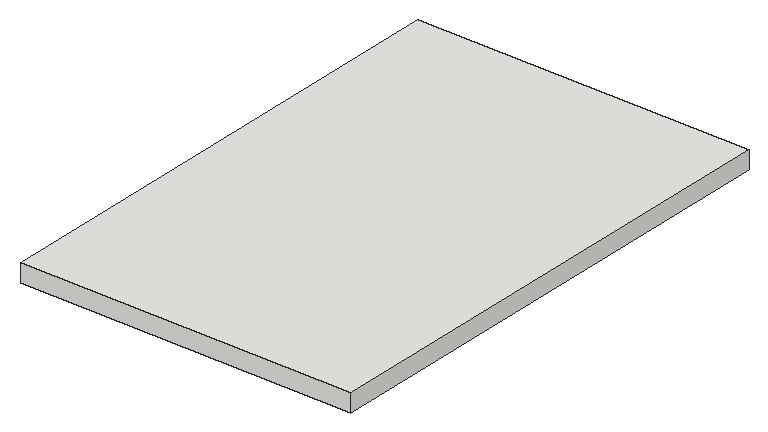
Revit family "SURVIVOR160xxWS840SAS0650x", category Leuchten, Revit 2024
Family settings
  Basisbauteil = Fläche
  Bemaßung runder Anschluss = Durchmesser verwenden
  Teiletyp = Normal
  OmniClass-Nummer = 23.80.70.11
  OmniClass-Titel = Luminaries for Internal Lighting
  Beim Laden mit Abzugskörper schneiden = Nein
  Lichtquelle = Ja
  Beschriftungsausrichtung beibehalten = Nein
  Gemeinsam genutzt = Nein
  Raumberechnungspunkt = Nein
Parameters (values of type "SURVIVOR160NDWS840SAS0650-RF")
  width = 240 mm  # constant formula
  weight = "13,2"
  voltage type (AC, DC, UC) = "AC"
  rated input power = 45
  product name = "SURVIVOR160NDWS840SAS0650-RF"
  nominal voltage = "230"
  nominal frequency = "50-60Hz"
  length = 1600 mm  # constant formula
  ingress protection (IP) code = "IP65"
  height = 73 mm  # constant formula
  electrical safety class = "1"
  control gear = ""
  conformity mark = "CE"  # constant formula
  brand = "RIDI"
  approval mark = ""
  built-in parameter 1150104 = 13.8 (stored number, unit not read)
  Wattage = 37.0266 W
  Von Breite des Rechtecks ausssenden = 1528 mm
  Von Länge des Rechtecks aussenden = 181 mm  # constant formula
  Default Elevation = 0 mm
  built-in parameter 1150113 = 1 (stored number, unit not read)
  built-in parameter 1114218 = 1 (stored number, unit not read)
  URL = "www.ridi.de"
  built-in parameter 1150134 = 12
  built-in parameter 1150109 = 1 (stored number, unit not read)
  built-in parameter 1150110 = 1 (stored number, unit not read)
  Apparent Load = 45 VA
  Tilt Angle = 90.00°
  Modell = "0622224//420"
  built-in parameter 1114217 = 1 (stored number, unit not read)
  built-in parameter 1150139 = (empty or 0)
  built-in parameter 1150105 = 437.68 (stored number, unit not read)
  built-in parameter 1150114 = 1 (stored number, unit not read)
  Lumens = 5500 lm
  built-in parameter 1150115 = 1 (stored number, unit not read)
  built-in parameter 1150112 = 1 (stored number, unit not read)
  Lampe = "LED"
  Hersteller = "RIDI Leuchten GmbH"  # constant formula
  Dimming Lamp Color Temperature Shift = (empty or 0)
  Color Filter = 16777215
  built-in parameter 1150133 = 10 (stored number, unit not read)
  Emit Shape Visible in Rendering = no
  built-in parameter 1150137 = (empty or 0)
  built-in parameter 1150132 = 2
  Datei für fotometrisches Netz = "SURVIVOR_SAS.IES"
  Copyright = "© RIDI. All rights reserved."  # constant formula
  built-in parameter 1150106 = 4.3768 (stored number, unit not read)
  Baugruppenkennzeichen = "D5020200"
  built-in parameter 1150107 = 4000 (stored number, unit not read)
  built-in parameter 1150102 = (empty or 0)
  built-in parameter 1150138 = (empty or 0)
Types (3, lengths in mm): name | rated input power | product name | Wattage | Apparent Load | Modell | built-in parameter 1150105 | Lumens | built-in parameter 1150106
  (no name) | 45 | "SURVIVOR160NDWS840SAS0650-RF" | 37.0266 W | 45 VA | "0622224//420" | 437.68 (stored number, unit not read) | 5500 lm | 4.3768 (stored number, unit not read)
  SURVIVOR160DAWS840SAS0650 | 43 | "SURVIVOR160DAWS840SAS0650" | 38.0364 W | 43 VA | "0632224" | 449.61 (stored number, unit not read) | 5650 lm | 4.4961 (stored number, unit not read)
  SURVIVOR160NDWS840SAS0650-RF | 45 | "SURVIVOR160NDWS840SAS0650-RF" | 37.0266 W | 45 VA | "0622224//420" | 437.68 (stored number, unit not read) | 5500 lm | 4.3768 (stored number, unit not read)
Reference planes
  plane 1 "Mitte (Vorne/hinten)": y = 0
  plane 2: z = 0
  plane 3 "Mitte (Links/rechts)": x = 0
  plane 4: z = 1600
Forms (mm)
  Extrusion 1, solid
    sketch origin (219.2, 280.8, 0) x (1, 0, 0) y (0, 1, 0)
      loop
        line (-1219.2, 1219.2) -> (-1219.2, -1780.8) -> (780.8, -1780.8) -> (780.8, 1219.2) -> (-1219.2, 1219.2)
    from 0 to -107.307
Dimensions and locks
  plane 4 to Extrusion 1 = 1600 mm
  locked: imposter light to import instance at 25
  aligned and locked: plane 2 to Extrusion 1
  aligned and locked: level to Extrusion 1
  aligned and locked: import instance to Extrusion 1
Connectors
  electrical at (53.526, -773.6, 2.275), driven by "Apparent Load"
    settings: on import instance, index 1, voltage 230 V, apparent load 0 VA, apparent load phase1 45 VA, apparent load phase2 0 VA, apparent load phase3 0 VA, power factor 1, load classification "Lighting", number of poles 1, system type 31, power factor state 1, is connector primary yes, connector utility no, sub classification motor no, connector description ""
